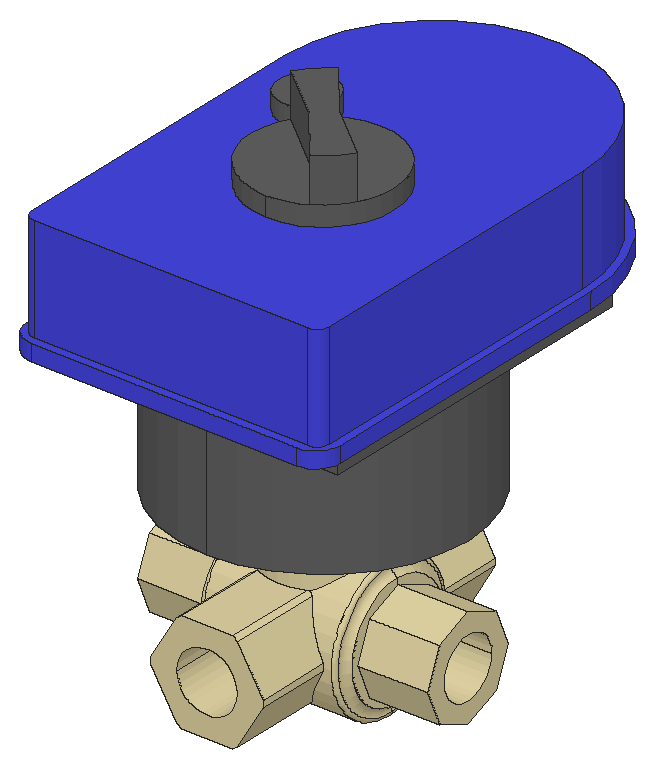
Revit family "QD34740000", category Apparecchi idraulici, Revit 2020
Family settings
  Quota connettore circolare = Usa diametro
  Tipo di parte = Normale
  Numero OmniClass = 23.45.00.00
  Titolo OmniClass = Sanitary, Laundry, and Cleaning Equipment
  Basato su piano di lavoro = No
  Sempre verticale = Sì
  Taglio con vuoti quando caricato = No
  Condiviso = No
  Punto di calcolo locali = No
Parameters
  URL = "https://web.cimberio.com/index.php/figura/1108?subcategoria_id=20"
  Temperatura di esercizio = "-10 ÷ 95°C"
  Prospetto di default = 0 mm
  Produttore = "CIMBERIO SPA"
  Pressione nominale = "PN 16"
  Modello = "Cim 685"
  Materiale = "Prodotto in lega di ottone conforme alla norma EN 12165-CW617N-DW"
  Descrizione = "Utilizzato nei più svariati settori dell'impiantistica: impianti di riscaldamento, condizionamento, idrici, igienico-sanitari e in generale con ogni fluido non corrosivo.\r\nParticolarmente indicato come valvola  per la regolazione e contabilizzazione di impianti di riscaldamento singoli o a zone, impianti con utilizzazione di energie alternative, impianti con fluidi caldi o freddi e impianti di automazione in genere"
  DN Model [instance] = QD34741015 : QD34741015
  DN [instance] = 15 mm
  Commenti sul tipo = "Realizzato in ottemperanza ai requisiti gestionali della norma EN ISO 9001.\r\nCollaudato al 100% secondo la normativa EN 12266-1"
Reference planes
  plane 1 "Centro (Fronte/Retro)": y = 0
  plane 2: z = 0
  plane 3 "Centro (Sinistra/Destra)": x = 0
Dimensions and locks
  aligned and locked: level to plane 2
Nested families
  nested 1: "QD34741015" at (0, 0, 0), type <- "DN Model", type "QD34741015"
  nested 2: "QD34741015" at (0, 0, 0), type <- "DN Model", type "QD34741015"
  nested 3: "QD34741015" at (0, 0, 0), type <- "DN Model", type "QD34741015"
  nested 4: "QD34741015" at (0, 0, 0), type <- "DN Model", type "QD34741015"
  nested 5: "QD34741015" at (0, 0, 0), type <- "DN Model", type "QD34741015"
  nested 6: "QD34741015" at (0, 0, 0), type <- "DN Model", type "QD34741015"
  nested 7: "QD34741015" at (0, 0, 0), type <- "DN Model", type "QD34741015"
  nested 8: "QD34741015" at (0, 0, 0), type <- "DN Model", type "QD34741015"
  nested 9: "QD34741015" at (0, 0, 0), type <- "DN Model", type "QD34741015"
  nested 10: "QD34741015" at (0, 0, 0), type <- "DN Model", type "QD34741015"
  nested 11: "QD34741015" at (0, 0, 0), type <- "DN Model", type "QD34741015"
  nested 12: "QD34741015" at (0, 0, 0), type <- "DN Model", type "QD34741015"
Connectors
  piping at (0, 0, 28.5), diameter 15, driven by "DN"
    settings: on nested 1, index 1, connector inside diameter 609.6 mm, connector length 0 mm, flow factor 0, pipe flow 0.0 L/s, pressure drop 0.0 Pa, fitting loss kfactor 0, connector angle 0.00°, fixture units 0, engagement length 0 mm, angle of deflection 0.00°, flow configuration 0, flow direction 0, fitting loss method 0, system type 7, joint type 0, gender type 0, connector reference index -1, connector utility 0, adjustable connector no, is connector primary yes, connector description ""
  piping at (0, -36, 0), diameter 15, driven by "DN"
    settings: on nested 1, index 2, connector inside diameter 609.6 mm, connector length 0 mm, flow factor 0, pipe flow 0.0 L/s, pressure drop 0.0 Pa, fitting loss kfactor 0, connector angle 0.00°, fixture units 0, engagement length 0 mm, angle of deflection 0.00°, flow configuration 0, flow direction 0, fitting loss method 0, system type 7, joint type 0, gender type 0, connector reference index -1, connector utility 0, adjustable connector no, is connector primary no, connector description ""
  piping at (-36, 0, 0), diameter 15, driven by "DN"
    settings: on nested 1, index 3, connector inside diameter 609.6 mm, connector length 0 mm, flow factor 0, pipe flow 0.0 L/s, pressure drop 0.0 Pa, fitting loss kfactor 0, connector angle 0.00°, fixture units 0, engagement length 0 mm, angle of deflection 0.00°, flow configuration 0, flow direction 0, fitting loss method 0, system type 7, joint type 0, gender type 0, connector reference index -1, connector utility 0, adjustable connector no, is connector primary no, connector description ""
  piping at (0, 36, 0), diameter 15, driven by "DN"
    settings: on nested 1, index 4, connector inside diameter 609.6 mm, connector length 0 mm, flow factor 0, pipe flow 0.0 L/s, pressure drop 0.0 Pa, fitting loss kfactor 0, connector angle 0.00°, fixture units 0, engagement length 0 mm, angle of deflection 0.00°, flow configuration 0, flow direction 0, fitting loss method 0, system type 7, joint type 0, gender type 0, connector reference index -1, connector utility 0, adjustable connector no, is connector primary no, connector description ""
Definition of nested family "QD34741015"
  Parameters (values of type "QD34741015")
    URL = "https://web.cimberio.it/index.php/figura/394?subcategoria_id="
    Temperatura di esercizio = "-10 ÷ 95°C"
    Default Elevation = 0 mm
    Manufacturer = "CIMBERIO SPA"
    Pressione nominale = "PN 16"
    Model = "Cim 32"
    Materiale = "Prodotto in lega di ottone conforme alla norma EN 12165-CW617N-DW"
    Description = "Impiegato nei più svariati settori dell'impiantistica in condutture anti-ritorno per: reti di distribuzione acqua potabile, impianti di riscaldamento, condizionamento, igienico-sanitari e in generale con ogni fluido non corrosivo."
    DN [instance] = 50 mm
    Type Comments = "Realizzato in ottemperanza ai requisiti gestionali della norma EN ISO 9001.\r\nCollaudato al 100% secondo la normativa EN 12266-1"
  Reference planes
    plane 1 "Centro (Fronte/Retro)": y = 0
    plane 2: z = 0
    plane 3 "Centro (Sinistra/Destra)": x = 0
  Forms (mm)
    Revolve 1, solid
      sketch origin (51.589, 0, -3.5) x (-1, 0, 0) y (0, 0, -1)
        loop
          arc (35.589, 14) -> (34.882, 13.707) -> (34.589, 13) r 1
          arc (34.589, 13) -> (34.343, 11.448) -> (33.089, 10.5) r 2.103
          line (33.089, 10.5) -> (33.089, 4) -> (70.089, 4) -> (70.089, 10.5)
          arc (70.089, 10.5) -> (68.993, 11.542) -> (68.589, 13) r 2.833
          arc (68.589, 13) -> (68.296, 13.707) -> (67.589, 14) r 1
          line (67.589, 14) -> (35.589, 14)
        axis (70.089, -3.5) -> (33.089, -3.5)
      angle from 0 to 360
    Extrusion 2, solid
      sketch origin (0, 0, 0) x (0, 1, 0) y (0, 0, 1)
        loop
          circle (0, 0) r 7.5
        loop
          line (0, 12.5) -> (-8.839, 8.839) -> (-12.5, 0) -> (-8.839, -8.839) -> (0, -12.5) -> (8.839, -8.839) -> (12.5, 0) -> (8.839, 8.839) -> (0, 12.5)
      from -36 to -18
    Revolve 3, solid
      sketch origin (51.589, 0, -3.5) x (-1, 0, 0) y (0, 0, -1)
        loop
          line (65.589, -33.426) -> (65.589, -13.062) -> (51.589, -13.062) -> (51.589, -33.426) -> (65.589, -33.426)
        axis (51.589, -33.426) -> (51.589, -13.062)
      angle from 0 to 360
    Extrusion 4, solid
      sketch origin (0, 0, 0) x (1, 0, 0) y (0, 0, 1)
        loop
          arc (-6.305, 12.5) -> (-7, 12.124) -> (-7.673, 11.71) r 14
          line (-7.673, 11.71) -> (-13.978, 0.79)
          arc (-13.978, 0.79) -> (-14, 0) -> (-13.978, -0.79) r 14
          line (-13.978, -0.79) -> (-7.673, -11.71)
          arc (-7.673, -11.71) -> (-7, -12.124) -> (-6.305, -12.5) r 14
          line (-6.305, -12.5) -> (6.305, -12.5)
          arc (6.305, -12.5) -> (7, -12.124) -> (7.673, -11.71) r 14
          line (7.673, -11.71) -> (13.978, -0.79)
          arc (13.978, -0.79) -> (14, 0) -> (13.978, 0.79) r 14
          line (13.978, 0.79) -> (7.673, 11.71)
          arc (7.673, 11.71) -> (7, 12.124) -> (6.305, 12.5) r 14
          line (6.305, 12.5) -> (-6.305, 12.5)
        loop
          circle (0, 0) r 7.5
      from 7.792 to 36
    Extrusion 5, solid
      sketch origin (0, 0, 0) x (0, 1, 0) y (0, 0, -1)
        loop
          circle (0, 0) r 7.5
        loop
          line (0, -12.5) -> (8.839, -8.839) -> (12.5, 0) -> (8.839, 8.839) -> (0, 12.5) -> (-8.839, 8.839) -> (-12.5, 0) -> (-8.839, -8.839) -> (0, -12.5)
      from -36 to -18
    Extrusion 6, solid
      sketch origin (0, 0, 0) x (1, 0, 0) y (0, 0, -1)
        loop
          line (-6.305, -12.5) -> (6.305, -12.5)
          arc (6.305, -12.5) -> (7, -12.124) -> (7.673, -11.71) r 14
          line (7.673, -11.71) -> (13.978, -0.79)
          arc (13.978, -0.79) -> (14, 0) -> (13.978, 0.79) r 14
          line (13.978, 0.79) -> (7.673, 11.71)
          arc (7.673, 11.71) -> (7, 12.124) -> (6.305, 12.5) r 14
          line (6.305, 12.5) -> (-6.305, 12.5)
          arc (-6.305, 12.5) -> (-7, 12.124) -> (-7.673, 11.71) r 14
          line (-7.673, 11.71) -> (-13.978, 0.79)
          arc (-13.978, 0.79) -> (-14, 0) -> (-13.978, -0.79) r 14
          line (-13.978, -0.79) -> (-7.673, -11.71)
          arc (-7.673, -11.71) -> (-7, -12.124) -> (-6.305, -12.5) r 14
        loop
          circle (0, 0) r 7.5
      from 7.792 to 36
    Revolve 7, solid
      sketch origin (0, 35.5, 95.039) x (0, -1, 0) y (0, 0, -1)
        loop
          line (71.631, 66.539) -> (35.5, 66.539) -> (35.5, 33.326) -> (71.631, 33.326) -> (71.631, 66.539)
        axis (35.5, 33.326) -> (35.5, 66.539)
      angle from 0 to 360
    Extrusion 8, solid
      sketch origin (0, 0, 62) x (0, 1, 0) y (-1, 0, 0)
        loop
          line (-49.032, 33.243) -> (-49.032, -32.757)
          arc (-49.032, -32.757) -> (-47.273, -36.997) -> (-43.032, -38.754) r 6
          line (-43.032, -38.754) -> (34.908, -38.754)
          arc (34.908, -38.754) -> (59.508, -30.016) -> (73.086, -7.72) r 39
          arc (73.086, -7.72) -> (74.609, -7.386) -> (75.43, -6.061) r 2
          arc (75.43, -6.061) -> (75.918, 0.246) -> (75.43, 6.554) r 41.01
          arc (75.43, 6.554) -> (74.609, 7.879) -> (73.086, 8.212) r 2
          arc (73.086, 8.212) -> (59.508, 30.509) -> (34.908, 39.246) r 39
          line (34.908, 39.246) -> (-43.032, 39.246)
          arc (-43.032, 39.246) -> (-47.276, 37.488) -> (-49.032, 33.243) r 6
      from 7.5 to 3.5
    Extrusion 9, solid
      sketch origin (0, -37.361, 95.6) x (0, 1, 0) y (-1, 0, 0)
        loop
          line (72.27, 37.211) -> (-6.599, 37.211)
          arc (-6.599, 37.211) -> (-8.746, 36.322) -> (-9.635, 34.175) r 3.037
          line (-9.635, 34.175) -> (-9.635, -33.68)
          arc (-9.635, -33.68) -> (-8.745, -35.829) -> (-6.597, -36.719) r 3.038
          line (-6.597, -36.719) -> (72.27, -36.719)
          arc (72.27, -36.719) -> (100.31, -23.84) -> (108.812, 5.822) r 36.965
          arc (108.812, 5.822) -> (96.356, 28.287) -> (72.27, 37.211) r 36.965
      from -26.1 to 0
    Extrusion 10, solid
      sketch origin (0, -37.361, 136.097) x (0, 1, 0) y (-1, 0, 0)
        loop
          line (-4.039, 37.211) -> (-4.039, -36.719) -> (81.261, -36.719)
          arc (81.261, -36.719) -> (96.507, 0.246) -> (81.261, 37.211) r 52.437
          line (81.261, 37.211) -> (-4.039, 37.211)
      from -74.6 to -70.597
    Extrusion 11, solid
      sketch origin (0, -37.361, 95.6) x (0, 1, 0) y (-1, 0, 0)
        loop
          circle (37.361, 0) r 17.716
      from 0 to 4.856
    Extrusion 12, solid
      sketch origin (0, -37.361, 95.6) x (0, 1, 0) y (-1, 0, 0)
        loop
          circle (57.768, 20.284) r 7
      from 0 to 4.4
    Extrusion 13, solid
      sketch origin (0, -37.361, 95.6) x (0, 1, 0) y (-1, 0, 0)
        loop
          arc (22.16, -8.848) -> (24.965, -12.52) -> (28.637, -15.324) r 17.4
          arc (28.637, -15.324) -> (39.39, -2.337) -> (52.376, 8.416) r 90
          arc (52.376, 8.416) -> (49.572, 12.088) -> (45.9, 14.892) r 17.4
          arc (45.9, 14.892) -> (35.147, 1.905) -> (22.16, -8.848) r 90
      from 0 to 15.9
  Cuts and joins
    joined: Revolve 1, Extrusion 4
  Dimensions and locks
    aligned and locked: level to plane 2
